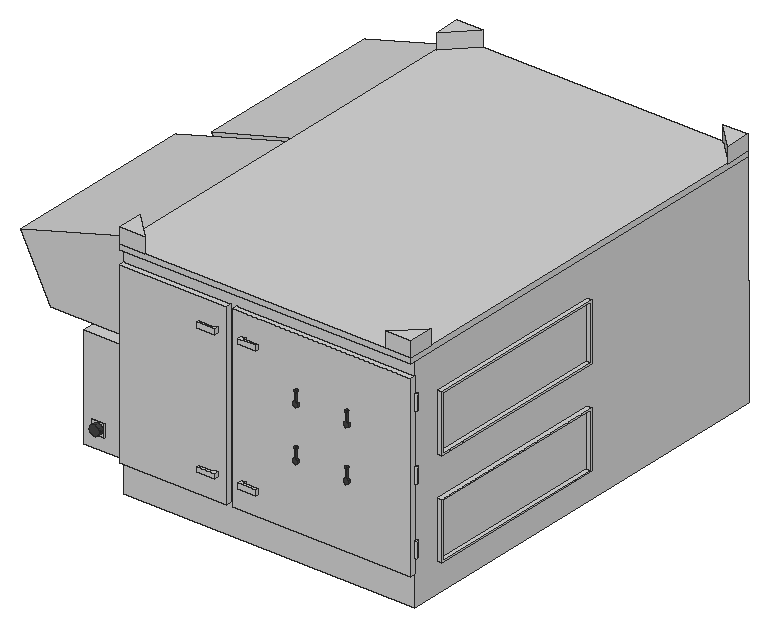
Revit family "Ventilator-RenewAire-Energy-Recovery-HE4XRTC", category Mechanical Equipment, Revit 2015
Parameters (values of type "5.0 HP 208-230V Three Phase")
  Voltage = "208-230"
  Ventilation Type = "Static Plate, Heat and Humidity Transfer"
  Unit Width = "83-1/4\""
  Unit Weight = "887-1,169 lbs."
  Unit Length = "81-1/2\""
  Unit Height = "48-1/4\""
  Unit = Metal - RenewAire - Anodized - Gray Text
  URL = "www.renewaire.com"
  Typical Airflow Range = "2,500-3,900 CFM"
  Standard Features = "TEFC Premium efficiency motors, Motor starters, Non-Fused Disconnect, 24VAC Transformer/Relay Package"
  Shipping Weight = "1,300 lbs."
  Service Area Visibility = no
  Service Area Box = Interference - RenewAire - Smooth - Light - Gold
  Revit Object Download Link = ""
  Phase = "Three"
  Options = "Integrated programmable controls, Fused disconnect, Double wall construction, Factory supplied and mounted variable frequency drives (VFDs) – one or both airstreams, Qty. 2 Factory mounted filter alarms, Exterior Paint - white, custom colors, Rooftop RTC transition paint - white, custom colors"
  Number Motors = "Qty. 2, 5.0 HP ea., belt drive blower/standard motor packages with adjustable sheaves"
  Model = "HE 4XRTC"
  Minimum Circuit Amps = "32.6 A"
  Maximum Overcurrent Protection = "45 A"
  Max. Shipping Width = "90\""
  Max. Shipping Length = "80\""
  Max. Shipping Height = "80\""
  Manufacturer = "RenewAire LLC"
  Frequency = "60 HZ"
  FLA per Motor = "14.5-13.4"
  Description = "Energy Recovery Ventilator"
  Connector Base Material = Glass - With - Transparency
  Accessories = "Filters - MERV 13, 2\" (shipped loose),RTC transition kit - for vertical RTU, for horizontal RTU, Digital time clock - wall mount(TC7D-W), in exterior enclosure (TC7D-E), Motion occupancy control - ceiling mount(MC-C), wall mount(MC-W), Carbon dioxide control - wall mount (CO2-W), duct mount(CO2-D)"
  AHRI 1060 Certified Core = "Four L125-G5"
Types (4): name | Voltage | Minimum Circuit Amps | Maximum Overcurrent Protection | FLA per Motor
  (no name) | "208-230" | "32.6 A" | "45 A" | "14.5-13.4"
  5.0 HP 208-230V Three Phase | "208-230" | "32.6 A" | "45 A" | "14.5-13.4"
  5.0 HP 460V Three Phase | "460" | "15.1 A" | "20 A" | "6.7"
  5.0 HP 575V Three Phase | "575" | "11.9 A" | "15 A" | "5.3"
Reference planes (in)
  plane 1 "Center (Front/Back)": y = 0
  plane 2: z = 0
  plane 3 "Center (Left/Right)": x = 0
Forms (in)
  Extrusion 1, solid, material "Metal - RenewAire - Anodized - Gray Text" <- "Unit"
    sketch origin (0, 0, 0) x (1, 0, 0) y (0, 0, 1)
      loop
        line (-28.6875, 0) -> (28.6875, 0) -> (28.6875, 43.5) -> (-28.6875, 43.5) -> (-28.6875, 0)
    from 40.5625 to -41.5625
  Extrusion 2, solid, material "Metal - RenewAire - Anodized - Gray Text"
    sketch origin (0, 0, 0) x (1, 0, 0) y (0, 0, 1)
      loop
        line (-28.6875, 43.5) -> (28.6875, 43.5) -> (28.6875, 44.5) -> (-28.6875, 44.5) -> (-28.6875, 43.5)
    from 41.5625 to -41.5625
  Extrusion 3, solid, material "Metal - RenewAire - Anodized - Gray Text"
    sketch origin (0, 0, 1.625) x (1, 0, 0) y (0, 0, 1)
      loop
        line (-6.4375, 39.25) -> (-6.4375, 4.25) -> (28.6875, 4.25) -> (28.6875, 39.25) -> (-6.4375, 39.25)
      loop
        line (-28.6875, 39.25) -> (-28.6875, 4.25) -> (-7.5625, 4.25) -> (-7.5625, 39.25) -> (-28.6875, 39.25)
    from 41.5625 to 40.5625
  Extrusion 4, solid, material "Metal - RenewAire - Anodized - Gray Text"
    sketch origin (0, -10.4375, 0) x (1, 0, 0) y (0, 1, 0)
      loop
        circle (-28.9375, -30.125) r 0.25
      loop
        circle (28.9375, -30.125) r 0.25
    from 11.875 to 8.875
  Extrusion 5, solid, material "Metal - RenewAire - Anodized - Gray Text"
    sketch origin (0, -10.4375, 0) x (1, 0, 0) y (0, 1, 0)
      loop
        circle (-28.9375, -30.125) r 0.25
      loop
        circle (28.9375, -30.125) r 0.25
    from 37.875 to 34.875
  Extrusion 6, solid, material "Metal - RenewAire - Anodized - Gray Text"
    sketch origin (0, -10.4375, 0) x (1, 0, 0) y (0, 1, 0)
      loop
        circle (-28.9375, -30.125) r 0.25
      loop
        circle (28.9375, -30.125) r 0.25
    from 25 to 22
  Extrusion 7, solid, material "Metal - RenewAire - Anodized - Gray Text"
    sketch origin (0, -10.4375, 0) x (1, 0, 0) y (0, 1, 0)
      loop
        line (-4.6875, -31.125) -> (-4.6875, -32) -> (-1.1875, -32) -> (-1.1875, -31.625) -> (-3.9375, -31.625) -> (-3.9375, -31.125) -> (-4.6875, -31.125)
      loop
        line (-9.3125, -31.125) -> (-10.0625, -31.125) -> (-10.0625, -31.625) -> (-12.8125, -31.625) -> (-12.8125, -32) -> (-9.3125, -32) -> (-9.3125, -31.125)
    from 11.125 to 10.125
  Extrusion 8, solid, material "Metal - RenewAire - Anodized - Gray Text"
    sketch origin (0, -10.4375, 0) x (1, 0, 0) y (0, 1, 0)
      loop
        line (-4.6875, -31.125) -> (-4.6875, -32) -> (-1.1875, -32) -> (-1.1875, -31.625) -> (-3.9375, -31.625) -> (-3.9375, -31.125) -> (-4.6875, -31.125)
      loop
        line (-9.3125, -31.125) -> (-10.0625, -31.125) -> (-10.0625, -31.625) -> (-12.8125, -31.625) -> (-12.8125, -32) -> (-9.3125, -32) -> (-9.3125, -31.125)
    from 36.625 to 35.625
  Extrusion 9, solid, material "Metal - RenewAire - Anodized - Gray Text"
    sketch origin (0, 0, -13.625) x (1, 0, 0) y (0, 0, 1)
      loop
        line (-28.6875, 37.5) -> (-39, 37.5) -> (-39, 17.5) -> (-28.6875, 17.5) -> (-28.6875, 37.5)
    from 37.5625 to 32.5625
  Extrusion 10, solid, material "Metal - RenewAire - Anodized - Gray Text"
    sketch origin (0, 0, -13.625) x (1, 0, 0) y (0, 0, 1)
      loop
        line (-37.375, 22.5) -> (-37.375, 20) -> (-34.875, 20) -> (-34.875, 22.5) -> (-37.375, 22.5)
    from 37.6875 to 37.5625
  Extrusion 11, solid, material "MonitorPorts"
    sketch origin (0, 0, -13.625) x (1, 0, 0) y (0, 0, 1)
      loop
        circle (-36.125, 21.25) r 1
    from 38.5625 to 37.5625
  Extrusion 12, solid, material "Metal - RenewAire - Anodized - Gray Text" <- "Unit"
    sketch origin (0, 0, 0) x (0, 1, 0) y (0, 0, 1)
      loop
        line (1.6875, 17.125) -> (-35.3125, 17.125) -> (-35.3125, 5.875) -> (1.6875, 5.875) -> (1.6875, 17.125)
      loop
        line (1.4375, 16.875) -> (-35.0625, 16.875) -> (-35.0625, 6.125) -> (1.4375, 6.125) -> (1.4375, 16.875)
    from 29.6875 to 28.6875
  Extrusion 13, solid, material "Interference - RenewAire - Smooth - Light - Gold" <- "Service Area Box", visible <- "Service Area Visibility"
    sketch origin (0, 0, 2.5) x (1, 0, 0) y (0, 0, 1)
      loop
        line (28.6875, 44.5) -> (-39, 44.5) -> (-39, -2.5) -> (28.6875, -2.5) -> (28.6875, 44.5)
    from 80.4375 to 41.5625
  Extrusion 14, solid, material "Metal - RenewAire - Anodized - Gray Text" <- "Unit"
    sketch origin (0, 0, 0) x (1, 0, 0) y (0, 1, 0)
      loop
        line (-28.6875, 41.5625) -> (-28.6875, 36.5625) -> (-23.6875, 41.5625) -> (-28.6875, 41.5625)
      loop
        line (-28.6875, -41.5625) -> (-23.6875, -41.5625) -> (-28.6875, -36.5625) -> (-28.6875, -41.5625)
      loop
        line (28.6875, -41.5625) -> (28.6875, -36.5625) -> (23.6875, -41.5625) -> (28.6875, -41.5625)
      loop
        line (28.6875, 41.5625) -> (23.6875, 41.5625) -> (28.6875, 36.5625) -> (28.6875, 41.5625)
    from 47.5 to 44.5
  Extrusion 15, solid, material "Metal - RenewAire - Anodized - Gray Text" <- "Unit"
    sketch origin (0, 0, 19) x (0, 1, 0) y (0, 0, 1)
      loop
        line (1.6875, 17.125) -> (-35.3125, 17.125) -> (-35.3125, 5.875) -> (1.6875, 5.875) -> (1.6875, 17.125)
      loop
        line (1.4375, 16.875) -> (-35.0625, 16.875) -> (-35.0625, 6.125) -> (1.4375, 6.125) -> (1.4375, 16.875)
    from 29.6875 to 28.6875
  Extrusion 16, solid, material "Metal - RenewAire - Anodized - Gray Text"
    sketch origin (0, 0, 0) x (1, 0, 0) y (0, 0, 1)
      loop
        line (-28.6875, 43.5) -> (-46.1875, 38.5) -> (-28.6875, 3) -> (-28.6875, 43.5)
    from -3 to -40.5625
  Extrusion 17, solid, material "Metal - RenewAire - Anodized - Gray Text"
    sketch origin (0, 0, 0) x (1, 0, 0) y (0, 0, 1)
      loop
        line (-28.6875, 43.5) -> (-52.29348, 36.73109) -> (-46.31619, 25) -> (-28.6875, 25) -> (-28.6875, 43.5)
    from 36.59273 to -1.6875
  Extrusion 18, void
    sketch origin (0, 0, 0) x (1, 0, 0) y (0, 1, 0)
      loop
        line (-28.1875, 41.0625) -> (-28.1875, -40.0625) -> (28.1875, -40.0625) -> (28.1875, 41.0625) -> (-28.1875, 41.0625)
    from 4.625 to -2.36535
Cuts and joins
  Extrusion 18 cuts Extrusion 1
  Extrusion 18 cuts Extrusion 3
Dimensions and locks (in)
  Extrusion 2 to Extrusion 3 sketch curve to Extrusion 3 sketch curve = 1' - 9 1/8", 3' - 0 1/4"
  aligned and locked: level to plane 2
Nested families (in)
  nested 1: "Monitoring Port" at (16.125, -41.5625, 21.097) x (-1, 0, 0) z (0, 0, -1), type "Monitoring Port"
  nested 2: "Monitoring Port" at (6.125, -41.5625, 21.097) x (-1, 0, 0) z (0, 0, -1), type "Monitoring Port"
  nested 3: "Monitoring Port" at (16.125, -41.5625, 31.097) x (-1, 0, 0) z (0, 0, -1), type "Monitoring Port"
  nested 4: "Monitoring Port" at (6.125, -41.5625, 31.097) x (-1, 0, 0) z (0, 0, -1), type "Monitoring Port"
Connectors (in)
  hvac at (29.6875, -16.8125, 11.5)
    settings: on Extrusion 12, index 2, duct flow 0 CFM, flow factor 0, pres drop 0.00 in-wg, loss coef 0, conn angle 0.00°, conn width 37", conn height 11 1/4", conn diameter 24", duct sys type 2, conn prof type 1, flow config 0, flow direction 1, loss method 0, conn ref index -1, conn util no, is conn primary yes, conn desc "RA (Return Air)"
  hvac at (29.6875, -16.8125, 30.5)
    settings: on Extrusion 15, index 3, duct flow 0 CFM, flow factor 0, pres drop 0.00 in-wg, loss coef 0, conn angle 0.00°, conn width 37", conn height 11 1/4", conn diameter 24", duct sys type 1, conn prof type 1, flow config 0, flow direction 2, loss method 0, conn ref index -1, conn util no, is conn primary no, conn desc "FA (Fresh Air"
Definition of nested family "Monitoring Port"
  Parameters
    URL = "www.renewaire.com"
    Revit Object Download Link = ""
    Model = ""
    Manufacturer = "RenewAire LLC"
    Description = "Monitoring Ports"
  Reference planes (in)
    plane 1 "Center (Front/Back)": y = 0
    plane 2: z = 0
    plane 3 "Center (Left/Right)": x = 0
  Forms (in)
    Extrusion 1, solid
      sketch origin (-9.43348, 0, 37.76669) x (-1, 0, 0) y (0, 0, -1)
        loop
          line (-9.53348, 35.65895) -> (-9.94097, 35.42369) -> (-9.94097, 34.83769) -> (-9.43348, 34.54469) -> (-8.92599, 34.83769) -> (-8.92599, 35.42369) -> (-9.33348, 35.65895) -> (-9.33348, 37.28756)
          arc (-9.33348, 37.28756) -> (-9.43348, 37.76669) -> (-9.53348, 37.28756) r 0.25
          line (-9.53348, 37.28756) -> (-9.53348, 35.65895)
      from 0 to 0.25
  Dimensions and locks (in)
    aligned and locked: level to plane 2
